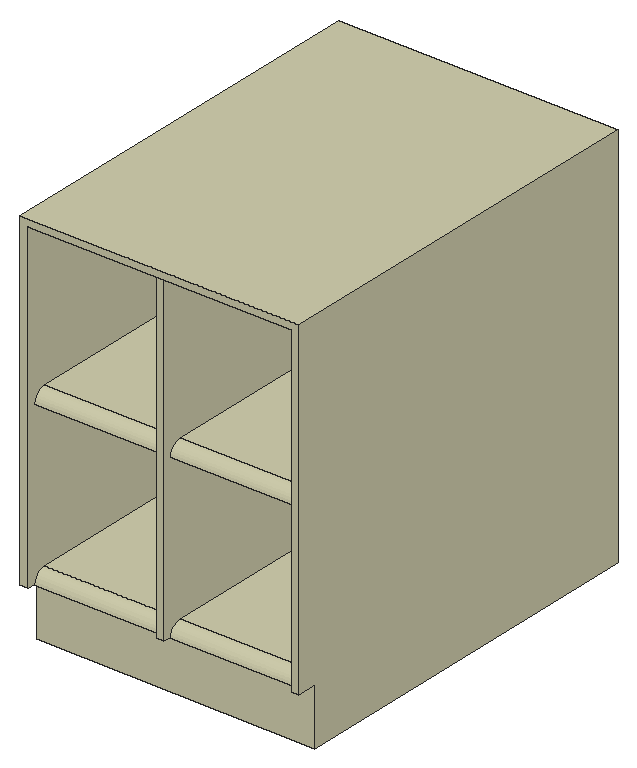
Revit family "Wenger Cabinet 55", category Furniture, Revit 2011
Parameters (values of type "Standard Cabinet #55")
  URL = "http://www.wengercorp.com/Home/Contact.html"
  Toekick Material [instance] = none
  RH End Panel [instance] = no
  Model = "55"
  Manufacturer = "Wenger Corporation"
  LH End Panel [instance] = no
  End Panel Material [instance] = none
  Edge Banding Material [instance] = none
  Door Material [instance] = none
  Description = "Standard Cabinet #55"
  Cabinet Width = 2' - 3 1/2"
  Cabinet Label = Labels : Standard
  Cabinet Height = 3' - 2 5/16"
  Cabinet Depth = 3' - 3 1/4"
  Cabinet Back Thickness = 0' - 0 3/4"
  Assembly Code = ""
Types (4): name | Model | Description | Cabinet Width | Cabinet Label | Cabinet Depth | Cabinet Back Thickness
  Standard Cabinet #55 | "55" | "Standard Cabinet #55" | 2' - 3 1/2" | Labels : Standard | 3' - 3 1/4" | 0' - 0 3/4"
  Narrow Cabinet #55 | "55N" | "Narrow Cabinet #55" | 1' - 9 1/2" | Labels : Narrow | 3' - 3 1/4" | 0' - 0 3/4"
  Acoustic Cabinet #55 | "55A" | "Acoustic Cabinet #55" | 2' - 3 1/2" | Labels : Acoustic | 3' - 5 3/4" | 0' - 3 1/4"
  Narrow Acoustic Cabinet #55 | "55NA" | "Narrow Acoustic Cabinet #55" | 1' - 9 1/2" | Labels : Narrow Acoustic | 3' - 5 3/4" | 0' - 3 1/4"
Reference planes (in)
  plane 1 "Front": y = 0
  plane 2: z = 0
  plane 3 "Left": x = 0
  plane 4 "Right": x = 27.5
  plane 5 "Back": y = 39.25
  plane 6 "Top": z = 38.3125
  plane 7: z = 5.625
  plane 8: z = 21.59375
  plane 9: x = 0.75
  plane 10: x = 26.75
  plane 11: z = 37.5625
  plane 12: x = 13.375
  plane 13: x = 14.125
  plane 14: y = 38.5
  plane 15: y = 2
  plane 16: y = 0.75
  plane 17: z = 22.71875
  plane 18: z = 6.75
Forms (in)
  Extrusion 1, solid, material "Wenger - Oyster"
    sketch origin (0, 0, 0) x (0, 1, 0) y (0, 0, 1)
      loop
        line (0, 38.3125) -> (0, 5.625) -> (2, 5.625) -> (2, 0) -> (39.25, 0) -> (39.25, 38.3125) -> (0, 38.3125)
    from 0 to 27.5
  Extrusion 2, void
    sketch origin (0, 0, 0) x (0, 1, 0) y (0, 0, 1)
      loop
        line (-5.5, 37.5625) -> (-5.5, 5.625) -> (0.75, 5.625)
        arc (0.75, 5.625) -> (1.18296, 6.40088) -> (2, 6.75) r 1.375
        line (2, 6.75) -> (38.5, 6.75) -> (38.5, 21.59375) -> (0.75, 21.59375)
        arc (0.75, 21.59375) -> (1.18296, 22.36963) -> (2, 22.71875) r 1.375
        line (2, 22.71875) -> (38.5, 22.71875) -> (38.5, 37.5625) -> (-5.5, 37.5625)
    from 0.75 to 13.375
  Extrusion 3, void
    sketch origin (0, 0, 0) x (0, 1, 0) y (0, 0, 1)
      loop
        line (-5.5, 37.5625) -> (-5.5, 5.625) -> (0.75, 5.625)
        arc (0.75, 5.625) -> (1.18296, 6.40088) -> (2, 6.75) r 1.375
        line (2, 6.75) -> (38.5, 6.75) -> (38.5, 21.59375) -> (0.75, 21.59375)
        arc (0.75, 21.59375) -> (1.18296, 22.36963) -> (2, 22.71875) r 1.375
        line (2, 22.71875) -> (38.5, 22.71875) -> (38.5, 37.5625) -> (-5.5, 37.5625)
    from 14.125 to 26.75
  Extrusion 4, void
    sketch origin (0, 0, 0) x (0, 1, 0) y (0, 0, 1)
      loop
        line (0, 37.5625) -> (0, 5.625) -> (0.0625, 5.625) -> (0.0625, 37.5625) -> (0, 37.5625)
    from 0.75 to 26.75
Cuts and joins
  Extrusion 2, Extrusion 3, Extrusion 4 cuts Extrusion 1
Lines and regions (in)
  symbolic lines
    curve 1: line (0, 39.25, 0) -> (27.5, 39.25, 0)
    curve 2: line (0, 0, 0) -> (0, 39.25, 0)
    curve 3: line (27.5, 0, 0) -> (0, 0, 0)
    curve 4: line (27.5, 39.25, 0) -> (27.5, 0, 0)
Dimensions and locks (in)
  locked: plane 3 "Left" to plane 9 at 0.75
  locked: plane 12 to plane 13 at 0.75
  locked: plane 10 to plane 4 "Right" at 0.75
  "Cabinet Back Thickness": plane 5 "Back" to plane 14
  locked: plane 1 "Front" to plane 16 at 0.75
  locked: plane 1 "Front" to plane 15 at 2
  locked: plane 17 to plane 8 at 1.125
  locked: plane 6 "Top" to plane 11 at 0.75
  equal spacing: plane 11, plane 8, plane 7
  locked: plane 18 to plane 7 at 1.125
  equal spacing: plane 10, plane 12, plane 3 "Left"
  "Cabinet Width": plane 3 "Left" to plane 4 "Right"
  locked: plane 7 to level at 5.625
  "Cabinet Height": plane 6 "Top" to level
  "Cabinet Depth": plane 1 "Front" to plane 5 "Back"
  plane 9 to plane 10 = 2' - 2"
  plane 11 to plane 7 = 2' - 7 15/16"
  aligned and locked: Extrusion 1 sketch curve to plane 6 "Top"
  aligned and locked: Extrusion 1 sketch curve to plane 5 "Back"
  aligned and locked: Extrusion 1 sketch curve to plane 1 "Front"
  aligned and locked: Extrusion 1 sketch curve to plane 7
  aligned and locked: Extrusion 1 sketch curve to plane 15
  aligned and locked: Extrusion 1 sketch curve to level
  aligned and locked: Extrusion 1 to plane 4 "Right"
  aligned and locked: Extrusion 1 to plane 3 "Left"
  aligned and locked: Extrusion 2 sketch curve to plane 11
  aligned and locked: Extrusion 2 sketch curve to plane 14
  aligned and locked: Extrusion 2 sketch curve to plane 17
  aligned and locked: Extrusion 2 sketch curve to plane 8
  aligned and locked: Extrusion 2 sketch curve to plane 18
  aligned and locked: Extrusion 2 to plane 9
  aligned and locked: plane 12 to Extrusion 2
  aligned and locked: Extrusion 3 to plane 10
  aligned and locked: Extrusion 4 sketch curve to cut or joined group of Extrusion 1, Extrusion 2, Extrusion 3, Extrusion 4  (x3)
  aligned and locked: Extrusion 4 to plane 10
  aligned and locked: Extrusion 4 to plane 9
  aligned and locked: plane 3 "Left" to curve 2
  aligned and locked: curve 1 to plane 5 "Back"
  aligned and locked: plane 4 "Right" to curve 4
  aligned and locked: curve 3 to plane 1 "Front"
  aligned and locked: Extrusion 3 to plane 13
Automatic sketch dimensions
  Extrusion 2 sketch curve to plane 7 = 0' - 0"
  Extrusion 2 sketch curve to plane 16 = 0' - 0"  (x2)
  Extrusion 2 sketch curve to plane 15 = 0' - 0"  (x2)
  Extrusion 2 sketch curve to plane 14 = 0' - 0"
  plane 1 "Front" to Extrusion 2 sketch curve = 0' - 5 1/2"
  Extrusion 2 sketch curve to plane 15 = 0' - 0.10279"  (x2)
  Extrusion 3 sketch curve to plane 11 = 0' - 0"
  Extrusion 3 sketch curve to plane 7 = 0' - 0"
  Extrusion 3 sketch curve to plane 16 = 0' - 0"  (x2)
  Extrusion 3 sketch curve to plane 8 = 0' - 0"
  Extrusion 3 sketch curve to plane 15 = 0' - 0"  (x2)
  Extrusion 3 sketch curve to plane 14 = 0' - 0"  (x2)
  Extrusion 3 sketch curve to plane 18 = 0' - 0"
  Extrusion 3 sketch curve to plane 17 = 0' - 0"
  plane 1 "Front" to Extrusion 3 sketch curve = 0' - 5 1/2"
  Extrusion 3 sketch curve to plane 15 = 0' - 0.10279"  (x2)
  plane 16 to Extrusion 4 sketch curve = 0' - 0 11/16"
Nested families (in)
  nested 1: "LH End Panel" at (0, 24.25, 0) x (0, -1, 0) z (0, 0, 1), End Panel Material <- "End Panel Material", visible <- "LH End Panel", Edge Banding Material <- "Edge Banding Material", type "20x84 LH"
    with End Panel Material none, Edge Banding Material none, End Panel Height 3' - 2 5/16", End Panel Depth 3' - 3 1/4"
  nested 2: "RH End Panel" at (28.25, 24.25, 0) x (0, -1, 0) z (0, 0, 1), End Panel Material <- "End Panel Material", visible <- "RH End Panel", Edge Banding Material <- "Edge Banding Material", type "20x84 RH"
    with End Panel Material none, Edge Banding Material none, End Panel Height 3' - 2 5/16", End Panel Depth 3' - 3 1/4"
  nested 3: "Labels" at (11.125, 19.30924, 0), type <- "Cabinet Label", type "Standard"
  nested 4: "Front Note" at (11.89516, 0.75, 0), type "Front Note", detail levels medium+fine
Definition of nested family "LH End Panel"
  Parameters (values of type "20x84 LH")
    End Panel Material [instance] = none
    End Panel Height = 7' - 1 5/8"
    End Panel Depth = 1' - 7 1/4"
    Edge Banding Material [instance] = none
    Default Elevation = 4' - 0"
    Assembly Code = ""
  Reference planes (in)
    plane 1 "Center (Front/Back)": y = 0
    plane 2: z = 0
    plane 3 "Center (Left/Right)": x = 0
    plane 4: x = -15
    plane 5: x = 4.25
    plane 6: z = 5.625
    plane 7: x = 2.25
    plane 8: z = 85.625
    plane 9: y = -0.75
  Forms (in)
    Extrusion 1, solid, material <- "End Panel Material"
      sketch origin (0, 0, 0) x (1, 0, 0) y (0, 0, 1)
        loop
          line (-15, 85.625) -> (-15, 0) -> (2.25, 0) -> (2.25, 5.625) -> (4.25, 5.625) -> (4.25, 85.625) -> (-15, 85.625)
      from 0 to 0.75
  Dimensions and locks (in)
    locked: plane 7 to plane 5 at 2
    locked: plane 6 to level at 5.625
    "End Panel Height": plane 8 to level
    "End Panel Depth": plane 5 to plane 4
    locked: plane 9 to plane 1 "Center (Front/Back)" at 0.75
    aligned and locked: plane 4 to Extrusion 1 sketch curve
    aligned and locked: level to Extrusion 1 sketch curve
    aligned and locked: plane 7 to Extrusion 1 sketch curve
    aligned and locked: plane 6 to Extrusion 1 sketch curve
    aligned and locked: Extrusion 1 sketch curve to plane 5
    aligned and locked: Extrusion 1 sketch curve to plane 8
    aligned and locked: Extrusion 1 to plane 9
    aligned and locked: Extrusion 1 to plane 1 "Center (Front/Back)"
Definition of nested family "RH End Panel"
  Parameters (values of type "20x84 RH")
    End Panel Material [instance] = none
    End Panel Height = 7' - 1 5/8"
    End Panel Depth = 1' - 7 1/4"
    Edge Banding Material [instance] = none
    Default Elevation = 4' - 0"
    Assembly Code = ""
  Reference planes (in)
    plane 1 "Center (Front/Back)": y = 0
    plane 2: z = 0
    plane 3 "Center (Left/Right)": x = 0
    plane 4: x = -15
    plane 5: x = 4.25
    plane 6: z = 5.625
    plane 7: x = 2.25
    plane 8: z = 85.625
    plane 9: y = -0.75
  Forms (in)
    Extrusion 1, solid, material <- "End Panel Material"
      sketch origin (0, 0, 0) x (1, 0, 0) y (0, 0, 1)
        loop
          line (-15, 85.625) -> (-15, 0) -> (2.25, 0) -> (2.25, 5.625) -> (4.25, 5.625) -> (4.25, 85.625) -> (-15, 85.625)
      from 0 to 0.75
  Dimensions and locks (in)
    locked: plane 7 to plane 5 at 2
    locked: plane 6 to level at 5.625
    "End Panel Height": plane 8 to level
    "End Panel Depth": plane 5 to plane 4
    locked: plane 9 to plane 1 "Center (Front/Back)" at 0.75
    aligned and locked: plane 4 to Extrusion 1 sketch curve
    aligned and locked: level to Extrusion 1 sketch curve
    aligned and locked: plane 7 to Extrusion 1 sketch curve
    aligned and locked: plane 6 to Extrusion 1 sketch curve
    aligned and locked: Extrusion 1 sketch curve to plane 5
    aligned and locked: Extrusion 1 sketch curve to plane 8
    aligned and locked: Extrusion 1 to plane 9
    aligned and locked: Extrusion 1 to plane 1 "Center (Front/Back)"
Definition of nested family "Labels"
  Parameters (values of type "Standard")
    Cabinet Label = "01"
  Types (4): name | Cabinet Label
    Standard | "01"
    Narrow | "01N"
    Narrow Acoustic | "01NA"
    Acoustic | "01A"
  Reference planes (in)
    plane 1: y = 0
    plane 2: x = 0
  Text (in)
    label "xxxx" at (-0.00018, 0.00754, 0), shows "Cabinet Label"
Definition of nested family "Front Note"
  Parameters (values of type "Front Note")
    Cabinet Label = "Front"
  Reference planes (in)
    plane 1: y = 0
    plane 2: x = 0
  Text (in)
    label "Front" at (-0.00018, 0.00754, 0), shows "Cabinet Label"
